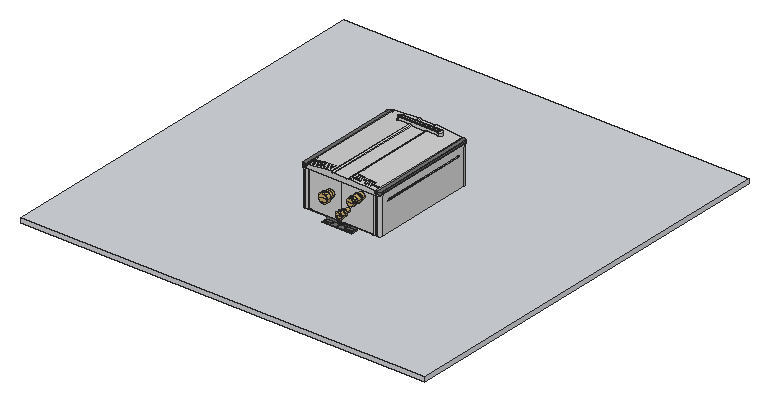
Revit family "Water_Heater-Rinnai-Ultra-Condensing-Tankless-RUR98e", category Mechanical Equipment, host Face, Revit 2012 (continued)
Definition of nested family "Water Heater"
  Definition of nested family "Masking_Nested"
    Lines and regions (in)
      Masking region 6, detail levels medium+fine
        outline origin (-35.16478, 0.40116, 0) x (1, 0, 0) y (0, 1, 0)
          loop
            line (36.48312, -13.55116) -> (35.28217, -13.55116) -> (35.28217, -13.75667)
            arc (35.28217, -13.75667) -> (35.16406, -13.87478) -> (35.04595, -13.75667) r 0.11811
            line (35.04595, -13.75667) -> (35.04595, -13.55116) -> (33.845, -13.55116)
            arc (33.845, -13.55116) -> (33.76774, -13.72733) -> (33.58951, -13.79972) r 0.25559
            arc (33.58951, -13.79972) -> (33.41128, -13.72733) -> (33.33401, -13.55116) r 0.25559
            line (33.33401, -13.55116) -> (31.62076, -13.55116)
          loop
            line (32.39831, -13.96742) -> (32.8117, -13.96742)
            arc (32.8117, -13.96742) -> (32.91997, -13.85915) -> (32.8117, -13.75088) r 0.10827
            line (32.8117, -13.75088) -> (32.39831, -13.75088)
            arc (32.39831, -13.75088) -> (32.29005, -13.85915) -> (32.39831, -13.96742) r 0.10827
          loop
            line (32.13257, -13.76073) -> (32.13257, -13.68199)
            arc (32.13257, -13.68199) -> (32.01446, -13.56387) -> (31.89635, -13.68199) r 0.11811
            line (31.89635, -13.68199) -> (31.89635, -13.76073)
            arc (31.89635, -13.76073) -> (32.01446, -13.87884) -> (32.13257, -13.76073) r 0.11811
          loop
            arc (37.92981, -13.96742) -> (38.03808, -13.85915) -> (37.92981, -13.75088) r 0.10827
            line (37.92981, -13.75088) -> (37.20146, -13.75088)
            arc (37.20146, -13.75088) -> (37.0932, -13.85915) -> (37.20146, -13.96742) r 0.10827
            line (37.20146, -13.96742) -> (37.92981, -13.96742)
          loop
            line (38.19556, -13.68199) -> (38.19556, -13.76073)
            arc (38.19556, -13.76073) -> (38.31367, -13.87884) -> (38.43178, -13.76073) r 0.11811
            line (38.43178, -13.76073) -> (38.43178, -13.68199)
            arc (38.43178, -13.68199) -> (38.31367, -13.56387) -> (38.19556, -13.68199) r 0.11811
          loop
            circle (36.73934, 13.08086) r 0.25559
          loop
            line (37.93053, 13.50415) -> (37.51714, 13.50415)
            arc (37.51714, 13.50415) -> (37.40888, 13.39588) -> (37.51714, 13.28761) r 0.10827
            line (37.51714, 13.28761) -> (37.93053, 13.28761)
            arc (37.93053, 13.28761) -> (38.0388, 13.39588) -> (37.93053, 13.50415) r 0.10827
          loop
            line (38.19628, 13.29746) -> (38.19628, 13.21872)
            arc (38.19628, 13.21872) -> (38.31439, 13.10061) -> (38.4325, 13.21872) r 0.11811
            line (38.4325, 13.21872) -> (38.4325, 13.29746)
            arc (38.4325, 13.29746) -> (38.31439, 13.41557) -> (38.19628, 13.29746) r 0.11811
          loop
            arc (32.39903, 13.50415) -> (32.29077, 13.39588) -> (32.39903, 13.28761) r 0.10827
            line (32.39903, 13.28761) -> (33.12738, 13.28761)
            arc (33.12738, 13.28761) -> (33.23565, 13.39588) -> (33.12738, 13.50415) r 0.10827
            line (33.12738, 13.50415) -> (32.39903, 13.50415)
          loop
            circle (33.59023, 13.08086) r 0.25559
          loop
            line (32.13329, 13.21872) -> (32.13329, 13.29746)
            arc (32.13329, 13.29746) -> (32.01518, 13.41557) -> (31.89706, 13.29746) r 0.11811
            line (31.89706, 13.29746) -> (31.89706, 13.21872)
            arc (31.89706, 13.21872) -> (32.01518, 13.10061) -> (32.13329, 13.21872) r 0.11811
      Masking region 7, detail levels medium+fine
        outline origin (-35.26953, 0, 0) x (1, 0, 0) y (0, 0, 1)
          loop
            line (26.00572, -0.04045) -> (31.72622, -0.04045) -> (31.72622, -0.6218) -> (38.83231, -0.6218) -> (38.83231, -0.04045) -> (44.53334, -0.04045) -> (44.53334, 9.35031)
            arc (44.53334, 9.35031) -> (44.51461, 9.40103) -> (44.46742, 9.42742) r 0.07806
            arc (44.46742, 9.42742) -> (44.03663, 9.49362) -> (43.60536, 9.55665) r 59.05511
            arc (43.60536, 9.55665) -> (43.57084, 9.52054) -> (43.53502, 9.48571) r 1.36561
            arc (43.53502, 9.48571) -> (43.54854, 9.53813) -> (43.50686, 9.57269) r 0.05052
            arc (43.50686, 9.57269) -> (42.03052, 9.74921) -> (40.55147, 9.90144) r 92.07872
            line (40.55147, 9.90144) -> (40.52642, 10.61861)
            arc (40.52642, 10.61861) -> (40.49773, 10.68306) -> (40.43231, 10.70949) r 0.09417
            line (40.43231, 10.70949) -> (30.10675, 10.70949)
            arc (30.10675, 10.70949) -> (30.04134, 10.68306) -> (30.01264, 10.61861) r 0.09417
            line (30.01264, 10.61861) -> (29.9876, 9.90144)
            arc (29.9876, 9.90144) -> (28.53696, 9.75237) -> (27.08886, 9.58034) r 92.07872
            arc (27.08886, 9.58034) -> (27.02495, 9.52621) -> (27.04849, 9.44583) r 0.07682
            arc (27.04849, 9.44583) -> (26.98948, 9.49957) -> (26.9337, 9.55665) r 1.36561
            arc (26.9337, 9.55665) -> (26.50314, 9.49373) -> (26.07305, 9.42764) r 59.05511
            arc (26.07305, 9.42764) -> (26.02485, 9.40069) -> (26.00572, 9.34888) r 0.07973
            line (26.00572, 9.34888) -> (26.00572, -0.04045)
      Masking region 8, detail levels medium+fine
        outline origin (0, 45, 0) x (0, 1, 0) y (0, 0, 1)
          loop
            line (-57.44869, -0.04045) -> (-32.55204, -0.04045)
            arc (-32.55204, -0.04045) -> (-32.52623, -0.09026) -> (-32.47382, -0.11024) r 0.07874
            line (-32.47382, -0.11024) -> (-32.17973, -0.11024) -> (-32.17973, -0.56308)
            arc (-32.17973, -0.56308) -> (-32.17168, -0.58251) -> (-32.15226, -0.59055) r 0.02747
            line (-32.15226, -0.59055) -> (-30.69363, -0.59055)
            arc (-30.69363, -0.59055) -> (-30.66213, -0.55906) -> (-30.69363, -0.52756) r 0.0315
            line (-30.69363, -0.52756) -> (-32.11674, -0.52756) -> (-32.11674, -0.04045) -> (-32.27422, -0.04045) -> (-32.27422, 8.75945) -> (-32.15, 8.75945) -> (-32.15, 10.14451) -> (-33.98648, 10.14451) -> (-34.00323, 10.62438)
            arc (-34.00323, 10.62438) -> (-34.03011, 10.68474) -> (-34.09137, 10.70949) r 0.08819
            line (-34.09137, 10.70949) -> (-34.93748, 10.70949)
            arc (-34.93748, 10.70949) -> (-34.99701, 10.68544) -> (-35.02312, 10.62679) r 0.08569
            line (-35.02312, 10.62679) -> (-35.03996, 10.14451) -> (-58.55116, 10.14451) -> (-58.55116, 8.75945) -> (-57.81875, 8.75945) -> (-57.81875, -0.04045) -> (-57.884, -0.04045) -> (-57.884, -0.52756) -> (-59.30711, -0.52756)
            arc (-59.30711, -0.52756) -> (-59.3386, -0.55906) -> (-59.30711, -0.59055) r 0.0315
            line (-59.30711, -0.59055) -> (-57.8478, -0.59055)
            arc (-57.8478, -0.59055) -> (-57.82886, -0.58271) -> (-57.82101, -0.56377) r 0.02679
            line (-57.82101, -0.56377) -> (-57.82101, -0.11024) -> (-57.52692, -0.11024)
            arc (-57.52692, -0.11024) -> (-57.47451, -0.09026) -> (-57.44869, -0.04045) r 0.07874
      symbolic lines, style "Water Heater", detail levels medium+fine
        curve 1: line (8.32249, 12.84217, 0) -> (8.32249, -13.15, 0)
        curve 2: line (-8.34917, 12.84217, 0) -> (-8.34917, -13.15, 0)
        curve 3: line (-2.16191, 11.02054, 0) -> (2.13519, 11.02144, 0)
        curve 4: line (2.13519, 9.95477, 0) -> (-2.16191, 9.95477, 0)
        curve 5: line (-9.25, 0, 8.98484) -> (-8.45921, 0, 8.98484)
        curve 6: line (-8.45921, 0, 8.98484) -> (-8.09256, 0, 9.19653)
        curve 7: line (-8.09256, 0, 9.19653) -> (-8.09256, 0, 9.34812)
        curve 8: arc (-8.09256, 0, 9.34812) -> (-8.15825, 0, 9.39508) -> (-8.22104, 0, 9.44583) r 1.36561
        curve 9: line (9.26381, 0, 8.75945) -> (-9.27756, 0, 8.75945)
        curve 10: arc (-5.27647, 0, 9.90196) -> (-3.77127, 0, 10.03206) -> (-2.26413, 0, 10.13746) r 92.07872
        curve 11: line (-1.61887, 0, 9.90169) -> (1.61887, 0, 9.90169)
        curve 12: line (-2.0392, 0, 10.10161) -> (-1.76603, 0, 9.94389)
        curve 13: arc (-2.26413, 0, 10.13746) -> (-2.14787, 0, 10.14334) -> (-2.0392, 0, 10.10161) r 0.28099
        curve 14: arc (-1.76603, 0, 9.94389) -> (-1.69501, 0, 9.91385) -> (-1.61887, 0, 9.90169) r 0.31957
        curve 15: line (9.25, 0, 8.98484) -> (8.45921, 0, 8.98484)
        curve 16: line (8.45921, 0, 8.98484) -> (8.09256, 0, 9.19653)
        curve 17: line (8.09256, 0, 9.19653) -> (8.09256, 0, 9.34812)
        curve 18: arc (8.09256, 0, 9.34812) -> (8.18181, 0, 9.41341) -> (8.26549, 0, 9.48571) r 1.36561
        curve 19: arc (5.27647, 0, 9.90196) -> (3.77127, 0, 10.03206) -> (2.26413, 0, 10.13746) r 92.07872
        curve 20: line (2.0392, 0, 10.10161) -> (1.76603, 0, 9.94389)
        curve 21: arc (2.26413, 0, 10.13746) -> (2.14787, 0, 10.14334) -> (2.0392, 0, 10.10161) r 0.28099
        curve 22: arc (1.76603, 0, 9.94389) -> (1.69501, 0, 9.91385) -> (1.61887, 0, 9.90169) r 0.31957
        curve 23: line (7.75409, 0, 8.75945) -> (7.75409, 0, 0)
        curve 24: line (-7.75409, 0, 8.75945) -> (-7.75409, 0, -0.04045)
        curve 25: arc (-1.40688, 0, 0) -> (0, 0, -0.34536) -> (1.40688, 0, 0) r 3.03824
        curve 26: line (-3.54331, 0, -0.04045) -> (3.54331, 0, -0.04045)
        curve 27: line (3.54331, 0, -0.52756) -> (-3.54331, 0, -0.52756)
        curve 28: spline (0, 11.02, 9.95112) -> (0, 11.00267, 9.93884) -> (0, 10.94985, 9.92738) -> (0, 10.86516, 9.91753) -> (0, 10.75444, 9.90997) -> (0, 10.6253, 9.90521) -> (0, 10.48661, 9.90359) -> (0, 10.34793, 9.90521) -> (0, 10.21878, 9.90997) -> (0, 10.10806, 9.91753) -> (0, 10.02337, 9.92738) -> (0, 9.97055, 9.93884) -> (0, 9.95322, 9.95112)
        curve 29: line (0, 11.01351, 10.14451) -> (0, 11.02, 9.95112)
        curve 30: line (0, 9.95972, 10.14451) -> (0, 9.95322, 9.95112)
        curve 31: line (0, -11.22237, 9.92728) -> (0, -11.22237, 10.09602)
        curve 32: spline (0, -11.22237, 10.09602) -> (0, -11.21722, 10.09869) -> (0, -11.20212, 10.10119) -> (0, -11.1781, 10.10333) -> (0, -11.14681, 10.10498) -> (0, -11.11036, 10.10601) -> (0, -11.07125, 10.10636) -> (0, -11.03214, 10.10601) -> (0, -10.99569, 10.10498) -> (0, -10.96439, 10.10333) -> (0, -10.94038, 10.10119) -> (0, -10.92528, 10.09869) -> (0, -10.92013, 10.09602)
        curve 33: line (0, -10.92013, 10.09602) -> (0, -10.92013, 9.92728)
        curve 34: spline (0, -10.92013, 9.92728) -> (0, -10.92528, 9.92371) -> (0, -10.94038, 9.92038) -> (0, -10.96439, 9.91752) -> (0, -10.99569, 9.91533) -> (0, -11.03214, 9.91395) -> (0, -11.07125, 9.91348) -> (0, -11.11036, 9.91395) -> (0, -11.14681, 9.91533) -> (0, -11.1781, 9.91752) -> (0, -11.20212, 9.92038) -> (0, -11.21722, 9.92371) -> (0, -11.22237, 9.92728)
        curve 35: line (0, -11.63111, 9.92728) -> (0, -11.63108, 10.09602)
        curve 36: spline (0, -11.63108, 10.09602) -> (0, -11.63623, 10.09869) -> (0, -11.65132, 10.10119) -> (0, -11.67534, 10.10333) -> (0, -11.70663, 10.10498) -> (0, -11.74308, 10.10601) -> (0, -11.78218, 10.10636) -> (0, -11.82129, 10.10601) -> (0, -11.85774, 10.10498) -> (0, -11.88903, 10.10333) -> (0, -11.91305, 10.10119) -> (0, -11.92814, 10.09869) -> (0, -11.93329, 10.09602)
        curve 37: line (0, -11.93329, 10.09602) -> (0, -11.93326, 9.92728)
        curve 38: spline (0, -11.93326, 9.92728) -> (0, -11.92811, 9.92371) -> (0, -11.91302, 9.92038) -> (0, -11.88901, 9.91752) -> (0, -11.85772, 9.91533) -> (0, -11.82129, 9.91395) -> (0, -11.78218, 9.91348) -> (0, -11.74308, 9.91395) -> (0, -11.70665, 9.91533) -> (0, -11.67536, 9.91752) -> (0, -11.65135, 9.92038) -> (0, -11.63626, 9.92371) -> (0, -11.63111, 9.92728)
        curve 39: line (0, -12.34205, 9.92728) -> (0, -12.34202, 10.09602)
        curve 40: spline (0, -12.34202, 10.09602) -> (0, -12.34716, 10.09869) -> (0, -12.36226, 10.10119) -> (0, -12.38627, 10.10333) -> (0, -12.41757, 10.10498) -> (0, -12.45401, 10.10601) -> (0, -12.49312, 10.10636) -> (0, -12.53223, 10.10601) -> (0, -12.56868, 10.10498) -> (0, -12.59997, 10.10333) -> (0, -12.62399, 10.10119) -> (0, -12.63908, 10.09869) -> (0, -12.64423, 10.09602)
        curve 41: line (0, -12.64423, 10.09602) -> (0, -12.6442, 9.92728)
        curve 42: spline (0, -12.6442, 9.92728) -> (0, -12.63905, 9.92371) -> (0, -12.62396, 9.92038) -> (0, -12.59995, 9.91752) -> (0, -12.56866, 9.91533) -> (0, -12.53222, 9.91395) -> (0, -12.49312, 9.91348) -> (0, -12.45402, 9.91395) -> (0, -12.41759, 9.91533) -> (0, -12.3863, 9.91752) -> (0, -12.36229, 9.92038) -> (0, -12.3472, 9.92371) -> (0, -12.34205, 9.92728)
        curve 43: spline (0, -10.92018, 9.86539) -> (0, -10.92518, 9.86925) -> (0, -10.94018, 9.87285) -> (0, -10.96417, 9.87594) -> (0, -10.99551, 9.87832) -> (0, -11.03203, 9.87981) -> (0, -11.07125, 9.88032) -> (0, -11.11046, 9.87981) -> (0, -11.14699, 9.87832) -> (0, -11.17832, 9.87594) -> (0, -11.20231, 9.87285) -> (0, -11.21732, 9.86925) -> (0, -11.22231, 9.86539)
        curve 44: spline (0, -11.22227, 9.63281) -> (0, -11.21712, 9.62807) -> (0, -11.20204, 9.62365) -> (0, -11.17804, 9.61986) -> (0, -11.14676, 9.61695) -> (0, -11.11033, 9.61512) -> (0, -11.07125, 9.6145) -> (0, -11.03216, 9.61512) -> (0, -10.99574, 9.61695) -> (0, -10.96446, 9.61986) -> (0, -10.94046, 9.62365) -> (0, -10.92537, 9.62807) -> (0, -10.92023, 9.63281)
        curve 45: line (0, -11.22239, 9.86539) -> (0, -11.22239, 9.63281)
        curve 46: line (0, -10.9201, 9.63281) -> (0, -10.9201, 9.86539)
        curve 47: spline (0, -11.63112, 9.86829) -> (0, -11.63611, 9.87215) -> (0, -11.65112, 9.87575) -> (0, -11.67511, 9.87884) -> (0, -11.70645, 9.88122) -> (0, -11.74297, 9.88271) -> (0, -11.78218, 9.88322) -> (0, -11.8214, 9.88271) -> (0, -11.85792, 9.88122) -> (0, -11.88926, 9.87884) -> (0, -11.91325, 9.87575) -> (0, -11.92826, 9.87215) -> (0, -11.93325, 9.86829)
        curve 48: spline (0, -11.93321, 9.6357) -> (0, -11.92806, 9.63096) -> (0, -11.91297, 9.62655) -> (0, -11.88897, 9.62276) -> (0, -11.8577, 9.61985) -> (0, -11.82127, 9.61802) -> (0, -11.78218, 9.61739) -> (0, -11.7431, 9.61802) -> (0, -11.70667, 9.61985) -> (0, -11.6754, 9.62276) -> (0, -11.6514, 9.62655) -> (0, -11.63631, 9.63096) -> (0, -11.63116, 9.6357)
        curve 49: line (0, -11.93333, 9.86829) -> (0, -11.93333, 9.6357)
        curve 50: line (0, -11.63104, 9.6357) -> (0, -11.63104, 9.86829)
        curve 51: spline (0, -12.34206, 9.86829) -> (0, -12.34705, 9.87215) -> (0, -12.36206, 9.87575) -> (0, -12.38605, 9.87884) -> (0, -12.41738, 9.88122) -> (0, -12.45391, 9.88271) -> (0, -12.49312, 9.88322) -> (0, -12.53234, 9.88271) -> (0, -12.56886, 9.88122) -> (0, -12.6002, 9.87884) -> (0, -12.62419, 9.87575) -> (0, -12.63919, 9.87215) -> (0, -12.64419, 9.86829)
        curve 52: spline (0, -12.64414, 9.6357) -> (0, -12.639, 9.63096) -> (0, -12.62391, 9.62655) -> (0, -12.59991, 9.62276) -> (0, -12.56863, 9.61985) -> (0, -12.53221, 9.61802) -> (0, -12.49312, 9.61739) -> (0, -12.45404, 9.61802) -> (0, -12.41761, 9.61985) -> (0, -12.38633, 9.62276) -> (0, -12.36233, 9.62655) -> (0, -12.34725, 9.63096) -> (0, -12.3421, 9.6357)
        curve 53: line (0, -12.64427, 9.86829) -> (0, -12.64427, 9.6357)
        curve 54: line (0, -12.34198, 9.6357) -> (0, -12.34198, 9.86829)
        curve 55: line (0, -13.55116, 9.55665) -> (0, 12.84217, 9.55665)
        curve 56: spline (0, -13.55107, 9.52892) -> (0, -13.54779, 9.51829) -> (0, -13.53763, 9.50771) -> (0, -13.52069, 9.49729) -> (0, -13.49712, 9.48711) -> (0, -13.46713, 9.47728) -> (0, -13.43101, 9.46787) -> (0, -13.38907, 9.45898) -> (0, -13.3417, 9.45069) -> (0, -13.28933, 9.44306) -> (0, -13.23243, 9.43618) -> (0, -13.17152, 9.43009) -> (0, -13.10716, 9.42487)
        curve 57: line (0, -12.94411, 9.35175) -> (0, -12.94411, 8.98484)
        curve 58: spline (0, -12.94411, 9.35175) -> (0, -12.95571, 9.36207) -> (0, -12.9678, 9.3717) -> (0, -12.98035, 9.38062) -> (0, -12.99333, 9.38879) -> (0, -13.00668, 9.3962) -> (0, -13.02037, 9.40281) -> (0, -13.03436, 9.40861) -> (0, -13.0486, 9.41358) -> (0, -13.06304, 9.4177) -> (0, -13.07765, 9.42096) -> (0, -13.09237, 9.42335) -> (0, -13.10716, 9.42487)
        curve 59: line (0, -13.55116, 8.98484) -> (0, 12.85, 8.98484)
        curve 60: line (0, 12.72578, 8.75945) -> (0, -12.75728, 8.75945)
        curve 61: line (0, 12.23513, 8.98484) -> (0, 12.23513, 9.35174)
        curve 62: spline (0, 12.23513, 9.35174) -> (0, 12.2467, 9.36204) -> (0, 12.25877, 9.37166) -> (0, 12.2713, 9.38057) -> (0, 12.28425, 9.38873) -> (0, 12.29758, 9.39613) -> (0, 12.31125, 9.40274) -> (0, 12.32521, 9.40854) -> (0, 12.33942, 9.41351) -> (0, 12.35384, 9.41763) -> (0, 12.36842, 9.4209) -> (0, 12.38311, 9.4233) -> (0, 12.39788, 9.42483)
        curve 63: spline (0, 12.39788, 9.42483) -> (0, 12.46228, 9.43013) -> (0, 12.52322, 9.43628) -> (0, 12.58016, 9.44321) -> (0, 12.63256, 9.45087) -> (0, 12.67996, 9.4592) -> (0, 12.72193, 9.4681) -> (0, 12.75808, 9.4775) -> (0, 12.78809, 9.48732) -> (0, 12.81167, 9.49747) -> (0, 12.82863, 9.50785) -> (0, 12.8388, 9.51837) -> (0, 12.84209, 9.52894)
        curve 64: line (0, 10.49722, 7.02598) -> (0, -10.79361, 7.02598)
        curve 65: arc (0, -10.79361, 7.02598) -> (0, -10.97143, 6.82414) -> (0, -10.79362, 6.6223) r 0.20346
        curve 66: line (0, -10.79362, 6.6223) -> (0, 10.49723, 6.6223)
        curve 67: arc (0, 10.49723, 6.6223) -> (0, 10.67482, 6.82414) -> (0, 10.49722, 7.02598) r 0.20349
        curve 68: line (0, 12.72578, -0.04045) -> (0, 12.44796, -0.04045)
        curve 69: line (0, -12.82027, -0.04045) -> (0, -12.44796, -0.04045)
      symbolic lines, style "Water Heater", detail levels fine
        curve 70: line (-1.46319, -10.89969, 0) -> (1.43194, -10.89969, 0)
        curve 71: line (-1.54319, -12.67499, 0) -> (-1.54319, -10.97969, 0)
        curve 72: line (1.43194, -12.75499, 0) -> (-1.46319, -12.75499, 0)
        curve 73: line (1.51194, -10.97969, 0) -> (1.51194, -12.67499, 0)
        curve 74: arc (-1.54319, -10.97969, 0) -> (-1.51976, -10.92312, 0) -> (-1.46319, -10.89969, 0) r 0.08
        curve 75: arc (1.43194, -10.89969, 0) -> (1.48851, -10.92312, 0) -> (1.51194, -10.97969, 0) r 0.08
        curve 76: arc (1.43194, -12.75499, 0) -> (1.48851, -12.73156, 0) -> (1.51194, -12.67499, 0) r 0.08
        curve 77: arc (-1.46319, -12.75499, 0) -> (-1.51976, -12.73156, 0) -> (-1.54319, -12.67499, 0) r 0.08
        curve 78: arc (-2.28358, 0, 8.93988) -> (-2.45244, 0, 9.32708) -> (-2.84581, 0, 9.48103) r 0.55118
        curve 79: arc (-6.74186, 0, 9.40231) -> (-7.06625, 0, 9.26416) -> (-7.20465, 0, 8.93988) r 0.47244
        curve 80: line (-6.74186, 0, 9.40231) -> (-2.84581, 0, 9.48103)
        curve 81: line (-2.28358, 0, 8.93988) -> (-7.20465, 0, 8.93988)
        curve 82: arc (2.28358, 0, 8.93988) -> (2.45244, 0, 9.32708) -> (2.84581, 0, 9.48103) r 0.55118
        curve 83: arc (6.74186, 0, 9.40231) -> (7.06625, 0, 9.26416) -> (7.20465, 0, 8.93988) r 0.47244
        curve 84: line (6.74186, 0, 9.40231) -> (2.84581, 0, 9.48103)
        curve 85: line (2.28358, 0, 8.93988) -> (7.20465, 0, 8.93988)
        curve 86: line (-1.02365, 0, 9.40241) -> (1.02359, 0, 9.40241)
        curve 87: arc (-1.02365, 0, 9.40241) -> (-1.35419, 0, 9.26752) -> (-1.49599, 0, 8.93988) r 0.47244
        curve 88: arc (1.49593, 0, 8.93988) -> (1.35414, 0, 9.26752) -> (1.02359, 0, 9.40241) r 0.47244
        curve 89: line (1.49593, 0, 8.93988) -> (-1.49599, 0, 8.93988)
    Dimensions and locks (in)
      equal spacing: plane 4, plane 3 "Center (Left/Right)", plane 5
      "Width": plane 4 to plane 5
      plane 8 to plane 1 "Center (Front/Back)" = 12.85"
      "Depth": plane 6 to plane 2
      plane 8 to plane 10 = 26"
      aligned and locked: plane 2 to level
    Automatic sketch dimensions
      curve 59 to plane 8 = 0"
      curve 55 to plane 8 = 1/128"
      curve 63 to plane 8 = 0.00791"
      curve 63 to curve 63 = 0"
      curve 60 to plane 8 = 0.12422"
      curve 68 to level = 0.04045"
      curve 68 to plane 8 = 0.12422"
      curve 62 to plane 8 = 0.36654"
      curve 68 to curve 68 = 0.27783"
      curve 62 to curve 62 = 0.07783"
      curve 63 to curve 62 = 0.08558"
      curve 62 to curve 62 = 0.16276"
      curve 63 to curve 61 = 0.15296"
      curve 28 to plane 6 = 0.14888"  (x2)
      curve 28 to curve 63 = 1.06217"
      plane 6 to curve 29 = 0.04451"
      curve 29 to curve 29 = 0.00649"
      curve 67 to plane 8 = 2.35277"
      curve 64 to curve 67 = 0"
      curve 28 to curve 28 = 0.53339"
      curve 67 to curve 66 = 0.0259"
      plane 6 to curve 30 = 0.04451"
      curve 30 to curve 28 = 0.5269"
      curve 28 to curve 30 = 0"
      curve 65 to curve 65 = 0.02564"
      curve 66 to curve 65 = 0.02565"
      curve 46 to plane 6 = 0.46719"
      curve 34 to curve 46 = 0.00003"
      curve 43 to curve 46 = 0.00008"
      curve 43 to curve 43 = 0"
      curve 44 to curve 46 = 0.00012"
      curve 44 to curve 44 = 0.15102"
      curve 43 to curve 43 = 0.15107"
      curve 32 to plane 6 = 0.00398"
      curve 32 to curve 32 = 0.15112"
      curve 31 to curve 43 = 0.00005"
      curve 45 to curve 44 = 0.00012"
      curve 50 to curve 45 = 0.40865"
      curve 36 to plane 6 = 0.00398"
      curve 36 to curve 50 = 0.00004"
      curve 38 to curve 50 = 0.00007"
      curve 47 to curve 50 = 0.00008"
      curve 47 to curve 47 = 0"
      curve 48 to curve 50 = 0.00012"
      curve 48 to curve 48 = 0.15102"
      curve 38 to curve 47 = 0"  (x2)
      curve 36 to curve 35 = 0.15111"
      curve 37 to plane 6 = 0.00398"
      curve 37 to curve 36 = 0.15111"
      curve 49 to curve 47 = 0.00008"
      curve 49 to curve 48 = 0.00012"
      curve 54 to curve 49 = 0.40865"
      curve 39 to plane 6 = 0.00398"
      curve 39 to curve 54 = 0.00004"
      curve 42 to curve 54 = 0.00007"
      curve 51 to curve 54 = 0.00008"
      curve 51 to curve 51 = 0"
      curve 52 to curve 54 = 0.00012"
      curve 69 to level = 0.04045"
      curve 52 to curve 52 = 0.15102"
      curve 51 to curve 51 = 0.15107"
      curve 42 to curve 51 = 0"  (x2)
      curve 40 to plane 6 = 0.00398"
      curve 40 to curve 39 = 0.15111"
      curve 53 to curve 52 = 0.00012"
      curve 58 to curve 58 = 0.16305"
      curve 58 to curve 57 = 0.1705"
      curve 58 to curve 56 = 0.08529"
      curve 56 to curve 58 = 0.35863"
      curve 56 to curve 56 = 0"
      curve 59 to curve 58 = 0.43655"
      curve 55 to curve 56 = 0.00008"
      curve 65 to curve 46 = 3.01051"
      curve 66 to curve 67 = 0.20184"
      curve 60 to plane 6 = 1.34055"
      curve 60 to curve 59 = 0.22539"
      curve 61 to curve 62 = 0.15843"
      curve 57 to curve 58 = 0.15844"
      curve 62 to curve 62 = 0.06438"
      curve 58 to curve 58 = 0.06439"
      curve 61 to curve 63 = 0.17149"
      curve 57 to curve 56 = 0.17278"
      curve 56 to curve 55 = 0.02773"
      curve 45 to curve 46 = 0"
      curve 44 to curve 46 = 0"
      curve 45 to curve 50 = 0.0029"
      curve 49 to curve 50 = 0"
      curve 56 to curve 52 = 0.11117"
      curve 53 to curve 52 = 0"
      curve 48 to curve 50 = 0"
      curve 52 to curve 54 = 0"
      curve 46 to curve 32 = 0.23063"
      curve 45 to curve 31 = 0.23063"
      curve 45 to curve 43 = 0"
      curve 43 to curve 43 = 0.00007"
      curve 54 to curve 40 = 0.22773"
      curve 50 to curve 36 = 0.22773"
      curve 49 to curve 36 = 0.22773"
      curve 49 to curve 47 = 0"
      curve 54 to curve 51 = 0"
      curve 53 to curve 51 = 0"
      curve 47 to curve 47 = 0.00007"
      curve 51 to curve 51 = 0.00007"
      curve 47 to curve 35 = 0.05892"
      curve 47 to curve 37 = 0.05899"
      curve 51 to curve 42 = 0.05899"
      curve 51 to curve 42 = 0.05892"  (x2)
      curve 37 to curve 38 = 0"
      curve 43 to curve 34 = 0.06182"
      curve 28 to curve 30 = 0.00035"
      curve 41 to plane 6 = 0.00398"
      Masking region 1 sketch curve to plane 4 = 0.00047"
      Masking region 1 sketch curve to plane 5 = 0.00047"
      plane 8 to Masking region 1 sketch curve = 0.00039"
      Masking region 2 sketch curve to plane 8 = 0"
      Masking region 2 sketch curve to plane 4 = 0.00047"
      plane 4 to Masking region 2 sketch curve = 0.74953"  (x2)
      plane 5 to Masking region 2 sketch curve = 0.74953"  (x2)
      Masking region 2 sketch curve to plane 5 = 0.00047"
      Masking region 3 sketch curve to level = 0.6218"
      Masking region 3 sketch curve to plane 4 = 0.00047"
      Masking region 3 sketch curve to plane 5 = 0.00047"
      plane 6 to Masking region 3 sketch curve = 0.03196"
      Masking region 4 sketch curve to level = 0.59055"
      Masking region 4 sketch curve to plane 8 = 0"
      plane 6 to Masking region 4 sketch curve = 0.03196"
      Masking region 5 sketch curve to plane 8 = 0"
      plane 4 to Masking region 5 sketch curve = 1.47856"
      Masking region 5 sketch curve to Masking region 5 sketch curve = 0"  (x19)
      Masking region 5 sketch curve to Masking region 5 sketch curve = 2.10379"  (x3)
      Masking region 5 sketch curve to Masking region 5 sketch curve = 0.65011"  (x5)
      plane 4 to Masking region 5 sketch curve = 4.49205"
      Masking region 5 sketch curve to Masking region 5 sketch curve = 1/256"  (x3)
      Masking region 5 sketch curve to Masking region 5 sketch curve = 0.0406"
      Masking region 5 sketch curve to plane 3 "Center (Left/Right)" = 2.16191"
      plane 3 "Center (Left/Right)" to Masking region 5 sketch curve = 2.13519"  (x2)
      Masking region 5 sketch curve to Masking region 5 sketch curve = 0.75187"
      Masking region 5 sketch curve to Masking region 5 sketch curve = 2.55548"
      Masking region 5 sketch curve to Masking region 5 sketch curve = 0.0367"
      Masking region 5 sketch curve to plane 8 = 1.82801"
      plane 5 to Masking region 5 sketch curve = 1.50524"
      Masking region 5 sketch curve to Masking region 5 sketch curve = 0.15114"  (x12)
      Masking region 5 sketch curve to Masking region 5 sketch curve = 0.40865"  (x8)
      Masking region 5 sketch curve to plane 8 = 2.89679"
      Masking region 5 sketch curve to Masking region 5 sketch curve = 0.00156"
      Masking region 5 sketch curve to Masking region 5 sketch curve = 1.06722"
      Masking region 5 sketch curve to Masking region 5 sketch curve = 0.15631"
      Masking region 5 sketch curve to Masking region 5 sketch curve = 0.37709"  (x2)
      Masking region 5 sketch curve to Masking region 5 sketch curve = 0.00197"
      Masking region 5 sketch curve to Masking region 5 sketch curve = 1.06577"
      Masking region 5 sketch curve to Masking region 5 sketch curve = 1.06667"
      Masking region 7 sketch curve to plane 4 = 0.01381"
      plane 4 to Masking region 7 sketch curve = 0.05352"
      Masking region 7 sketch curve to Masking region 7 sketch curve = 0"  (x8)
      plane 4 to Masking region 7 sketch curve = 0.06592"
      Masking region 7 sketch curve to Masking region 7 sketch curve = 0.86065"
      Masking region 7 sketch curve to Masking region 7 sketch curve = 0.11479"
      Masking region 7 sketch curve to Masking region 7 sketch curve = 0.04037"
      Masking region 7 sketch curve to Masking region 7 sketch curve = 0.05004"
      plane 6 to Masking region 7 sketch curve = 0.38203"  (x2)
      Masking region 7 sketch curve to Masking region 7 sketch curve = 0.84911"
      Masking region 7 sketch curve to plane 6 = 0.19856"  (x2)
      Masking region 7 sketch curve to Masking region 7 sketch curve = 2.04962"
      Masking region 7 sketch curve to Masking region 7 sketch curve = 0.02504"  (x2)
      Masking region 7 sketch curve to Masking region 7 sketch curve = 0.09411"  (x2)
      Masking region 7 sketch curve to level = 0.6218"
      Masking region 7 sketch curve to plane 3 "Center (Left/Right)" = 3.54331"
      Masking region 7 sketch curve to plane 3 "Center (Left/Right)" = 3.40532"
      Masking region 7 sketch curve to plane 3 "Center (Left/Right)" = 0.01184"
      plane 3 "Center (Left/Right)" to Masking region 7 sketch curve = 0.01184"
      plane 3 "Center (Left/Right)" to Masking region 7 sketch curve = 3.40532"
      plane 3 "Center (Left/Right)" to Masking region 7 sketch curve = 3.56278"
      plane 6 to Masking region 7 sketch curve = 0.51532"
      plane 5 to Masking region 7 sketch curve = 4.08722"
      plane 5 to Masking region 7 sketch curve = 1.91844"
      plane 5 to Masking region 7 sketch curve = 1.01906"
      Masking region 7 sketch curve to Masking region 7 sketch curve = 0.00639"
      Masking region 7 sketch curve to Masking region 7 sketch curve = 0.00006"
      Masking region 7 sketch curve to Masking region 7 sketch curve = 0.03455"
      Masking region 7 sketch curve to Masking region 7 sketch curve = 0.0985"
      plane 5 to Masking region 7 sketch curve = 0.06425"
      plane 5 to Masking region 7 sketch curve = 0.05211"
      Masking region 7 sketch curve to plane 5 = 0.01381"
      Masking region 7 sketch curve to Masking region 7 sketch curve = 48.28707"
      Masking region 7 sketch curve to Masking region 7 sketch curve = 32.85768"
      Masking region 7 sketch curve to level = 0.04045"  (x2)
      Masking region 7 sketch curve to Masking region 7 sketch curve = 0.03686"
      Masking region 7 sketch curve to Masking region 7 sketch curve = 0.71388"
      Masking region 7 sketch curve to Masking region 7 sketch curve = 0.00329"
      Masking region 8 sketch curve to plane 8 = 0"
      Masking region 8 sketch curve to plane 8 = 0.00226"
      Masking region 8 sketch curve to Masking region 8 sketch curve = 0.02747"
      Masking region 8 sketch curve to Masking region 8 sketch curve = 0.12422"
      Masking region 8 sketch curve to level = 0.11024"
      Masking region 8 sketch curve to Masking region 8 sketch curve = 0.1996"
      Masking region 8 sketch curve to level = 0.04045"  (x3)
      Masking region 8 sketch curve to Masking region 8 sketch curve = 0.07823"  (x2)
      plane 6 to Masking region 8 sketch curve = 0.04451"  (x2)
      Masking region 8 sketch curve to Masking region 8 sketch curve = 1.83648"
      Masking region 8 sketch curve to Masking region 8 sketch curve = 0.01676"
      Masking region 8 sketch curve to Masking region 8 sketch curve = 0.08814"
      Masking region 8 sketch curve to Masking region 8 sketch curve = 0.8461"
      Masking region 8 sketch curve to Masking region 8 sketch curve = 0.08564"
      Masking region 8 sketch curve to Masking region 8 sketch curve = 0.01684"
      Masking region 8 sketch curve to level = 0.0315"
      Masking region 8 sketch curve to level = 0.52756"
      Masking region 8 sketch curve to Masking region 8 sketch curve = 1.42311"  (x2)
      plane 8 to Masking region 8 sketch curve = 0.03326"
      Masking region 8 sketch curve to level = 0.59055"
      Masking region 8 sketch curve to Masking region 8 sketch curve = 0.06299"
      Masking region 8 sketch curve to Masking region 8 sketch curve = 0.0315"
      Masking region 8 sketch curve to plane 6 = 1.34055"  (x2)
      Masking region 8 sketch curve to Masking region 8 sketch curve = 0.47679"
      Masking region 8 sketch curve to Masking region 8 sketch curve = 0.47929"
      Masking region 8 sketch curve to Masking region 8 sketch curve = 0.00308"
      Masking region 6 sketch curve to Masking region 6 sketch curve = 0"  (x7)
      plane 8 to Masking region 6 sketch curve = 0.00039"  (x2)
      Masking region 6 sketch curve to plane 3 "Center (Left/Right)" = 0"  (x2)
      Masking region 6 sketch curve to plane 3 "Center (Left/Right)" = 0.11883"
      Masking region 6 sketch curve to plane 3 "Center (Left/Right)" = 0.03937"
      Masking region 6 sketch curve to plane 3 "Center (Left/Right)" = 0.11811"
      Masking region 6 sketch curve to Masking region 6 sketch curve = 0.17717"
      Masking region 6 sketch curve to Masking region 6 sketch curve = 1.20095"  (x2)
      Masking region 6 sketch curve to Masking region 6 sketch curve = 0.2555"  (x4)
      plane 8 to Masking region 6 sketch curve = 0.37642"  (x2)
      Masking region 6 sketch curve to Masking region 6 sketch curve = 1.35802"  (x2)
      Masking region 6 sketch curve to Masking region 6 sketch curve = 0.46285"
      Masking region 6 sketch curve to Masking region 6 sketch curve = 0.52231"
      Masking region 6 sketch curve to Masking region 6 sketch curve = 0.41339"  (x2)
      Masking region 6 sketch curve to Masking region 6 sketch curve = 0.72835"  (x2)
      Masking region 6 sketch curve to Masking region 6 sketch curve = 0.26575"  (x4)
      Masking region 6 sketch curve to Masking region 6 sketch curve = 0.11811"  (x4)
      Masking region 6 sketch curve to Masking region 6 sketch curve = 0.27559"  (x5)
      plane 3 "Center (Left/Right)" to Masking region 6 sketch curve = 0.03937"
      Masking region 6 sketch curve to plane 3 "Center (Left/Right)" = 0.00072"
      plane 8 to Masking region 6 sketch curve = 0.88761"
      Masking region 6 sketch curve to Masking region 6 sketch curve = 0.20735"
      Masking region 6 sketch curve to Masking region 6 sketch curve = 0.77781"
      Masking region 6 sketch curve to Masking region 6 sketch curve = 0.00703"  (x2)
      Masking region 6 sketch curve to Masking region 6 sketch curve = 0.13083"  (x2)
      Masking region 6 sketch curve to Masking region 6 sketch curve = 0.0689"  (x2)
      Masking region 6 sketch curve to Masking region 6 sketch curve = 0.19972"
      Masking region 6 sketch curve to Masking region 6 sketch curve = 0.20551"
      Masking region 6 sketch curve to Masking region 6 sketch curve = 0.07874"  (x4)
      Masking region 6 sketch curve to Masking region 6 sketch curve = 0.10827"  (x4)
      Masking region 6 sketch curve to Masking region 6 sketch curve = 0.56152"
      plane 8 to Masking region 6 sketch curve = 0.15964"
      Masking region 6 sketch curve to Masking region 6 sketch curve = 0.25559"
      plane 8 to Masking region 6 sketch curve = 0.76988"  (x2)
      Masking region 6 sketch curve to Masking region 6 sketch curve = 0.04884"
      Masking region 6 sketch curve to Masking region 6 sketch curve = 0.19199"
      Masking region 6 sketch curve to Masking region 6 sketch curve = 0.63957"
      plane 3 "Center (Left/Right)" to Masking region 6 sketch curve = 0.14672"
      curve 5 to plane 4 = 0"
      curve 25 to level = 0"  (x2)
      curve 25 to plane 3 "Center (Left/Right)" = 0"
      curve 23 to level = 0"
      plane 5 to curve 15 = 0"
      curve 9 to plane 4 = 0.02756"
      curve 5 to curve 6 = 0.79079"
      curve 5 to curve 8 = 0.23817"
      curve 8 to curve 6 = 0.12848"
      curve 24 to level = 0.04045"
      plane 4 to curve 24 = 1.49591"
      plane 6 to curve 8 = 0.38203"
      curve 7 to curve 8 = 0.76101"
      curve 24 to curve 79 = 0.54944"
      curve 80 to plane 6 = 0.69769"
      curve 79 to curve 80 = 0.46279"
      curve 80 to curve 79 = 0.00954"
      curve 10 to plane 6 = 0.19804"
      curve 79 to curve 10 = 1.46538"
      curve 27 to level = 0.52756"
      curve 27 to plane 3 "Center (Left/Right)" = 3.54331"
      curve 26 to level = 0.04045"
      curve 26 to curve 27 = 0"  (x2)
      curve 19 to plane 3 "Center (Left/Right)" = 3.40532"
      curve 78 to plane 6 = 0.61897"
      curve 80 to curve 78 = 0.01113"
      curve 78 to curve 78 = 0.55109"
      plane 6 to curve 10 = 0.03746"
      curve 78 to curve 10 = 0.58167"
      curve 10 to curve 13 = 0.07204"
      plane 6 to curve 13 = 0.00161"
      curve 10 to curve 13 = 0.22493"
      curve 12 to plane 6 = 0.15611"
      curve 12 to curve 12 = 0.27318"
      curve 12 to curve 11 = 0.14716"
      plane 6 to curve 14 = 0.12104"
      curve 12 to curve 14 = 0.1591"
      curve 25 to plane 3 "Center (Left/Right)" = 1.40688"
      plane 6 to curve 22 = 0.12104"
      plane 3 "Center (Left/Right)" to curve 22 = 1.60693"
      curve 22 to curve 11 = 0.01194"
      curve 22 to curve 22 = 0.14716"
      plane 6 to curve 21 = 0.00161"
      curve 22 to curve 21 = 0.27318"
      curve 21 to curve 21 = 0.15289"
      plane 6 to curve 21 = 0.03746"
      curve 21 to curve 21 = 0.22493"
      curve 21 to curve 85 = 0.09148"
      curve 82 to curve 82 = 0.55109"
      curve 84 to plane 6 = 0.61897"
      curve 82 to curve 84 = 0.01113"
      plane 3 "Center (Left/Right)" to curve 10 = 3.40532"
      curve 25 to curve 26 = 2.13643"
      curve 19 to plane 6 = 0.19804"
      curve 82 to curve 19 = 2.43066"
      curve 19 to curve 83 = 1.45584"
      curve 84 to plane 6 = 0.69769"
      curve 83 to curve 84 = 0.00954"
      curve 83 to curve 83 = 0.47234"
      plane 6 to curve 18 = 0.38203"
      curve 83 to curve 18 = 0.5897"
      plane 5 to curve 23 = 1.49591"
      curve 23 to curve 17 = 0.33847"
      curve 18 to curve 18 = 0.17293"
      curve 16 to curve 15 = 0.36665"
      curve 9 to plane 5 = 0.01381"
      plane 7 to curve 25 = 2.10233"
      curve 23 to curve 84 = 0.64286"
      curve 78 to curve 80 = 0.55107"
      curve 82 to curve 84 = 0.55107"
      curve 9 to curve 15 = 0.22539"
      curve 24 to curve 6 = 0.22539"
      curve 5 to curve 7 = 0.21168"
      curve 15 to curve 17 = 0.21168"
      curve 16 to curve 18 = 0.15159"
      curve 6 to curve 7 = 0.15159"
      curve 78 to curve 87 = 0.78759"
      curve 86 to curve 86 = 2.04724"
      curve 87 to curve 87 = 0.00991"
      curve 89 to plane 3 "Center (Left/Right)" = 1.49599"
      curve 88 to curve 88 = 0.47234"
      curve 88 to curve 11 = 0.97173"
      curve 88 to curve 88 = 0.00991"
      plane 1 "Center (Front/Back)" to curve 65 = 10.76797"
      curve 46 to curve 64 = 0.1265"
      curve 69 to curve 66 = 1.65433"
      curve 60 to curve 53 = 0.11301"
      curve 56 to curve 53 = 0.14688"
      curve 69 to curve 69 = 0.37232"
      curve 57 to curve 60 = 0.18683"
      plane 1 "Center (Front/Back)" to Masking region 1 sketch curve = 13.15"
      plane 1 "Center (Front/Back)" to Masking region 2 sketch curve = 12.4"
      plane 1 "Center (Front/Back)" to Masking region 4 sketch curve = 13.55139"
      plane 1 "Center (Front/Back)" to Masking region 5 sketch curve = 10.9201"
      Masking region 5 sketch curve to Masking region 5 sketch curve = 0.50573"
      plane 1 "Center (Front/Back)" to Masking region 6 sketch curve = 13.14297"
      Masking region 6 sketch curve to Masking region 6 sketch curve = 0.21254"
      plane 1 "Center (Front/Back)" to Masking region 8 sketch curve = 12.44869"
      Masking region 8 sketch curve to Masking region 8 sketch curve = 0.29183"
      Masking region 8 sketch curve to Masking region 8 sketch curve = 0.00226"
      plane 9 to Masking region 8 sketch curve = 0.02679"
      Masking region 8 sketch curve to Masking region 8 sketch curve = 0.03621"
      Masking region 8 sketch curve to Masking region 8 sketch curve = 0.73241"
      curve 2 to plane 10 = 0"
      curve 1 to plane 10 = 0"
      curve 2 to plane 8 = 1/128"
      plane 4 to curve 2 = 0.90083"
      curve 3 to plane 3 "Center (Left/Right)" = 2.16191"
      curve 4 to curve 3 = 0"  (x2)
      plane 10 to curve 71 = 0.47501"
      curve 71 to plane 3 "Center (Left/Right)" = 1.54319"
      curve 74 to curve 74 = 0.08"
      curve 71 to curve 77 = 0.08"
      plane 3 "Center (Left/Right)" to curve 75 = 1.43194"
      plane 3 "Center (Left/Right)" to curve 72 = 1.43194"
      curve 75 to curve 75 = 0.08"
      plane 3 "Center (Left/Right)" to curve 3 = 2.13519"
      curve 1 to plane 8 = 1/128"
      plane 5 to curve 1 = 0.92751"
      curve 76 to curve 75 = 1 89/128"
      curve 4 to plane 8 = 2.89523"
      curve 4 to curve 3 = 1.06577"
      curve 4 to curve 3 = 1.06667"
Definition of nested family "Pipes"
  Parameters (values of type "Pipes")
    Pipe Material = Metal - Rinnai - Aluminum Frame - Brass - Stain
  Reference planes (in)
    plane 1 "Center (Front/Back)": y = 0
    plane 2: z = 0
    plane 3 "Center (Left/Right)": x = 0
    plane 4: y = 1.33858
    plane 5: z = 0.505
  Forms (in)
    Revolve 1, solid, material "Metal - Rinnai - Aluminum Frame - Brass - Stain" <- "Pipe Material", detail levels fine
      sketch origin (0, 0, 5.73209) x (1, 0, 0) y (0, 1, 0)
        loop
          line (-3.57004, -0.9459) -> (-2.57004, -0.9459) -> (-2.57004, 1.33858) -> (-3.44946, 1.33858) -> (-3.41727, 0.72441) -> (-3.47911, 0.72441) -> (-3.47911, 0.07292)
          arc (-3.47911, 0.07292) -> (-3.48697, 0.05393) -> (-3.50597, 0.04606) r 0.02686
          line (-3.50597, 0.04606) -> (-3.54269, 0.04606)
          arc (-3.54269, 0.04606) -> (-3.58891, 0.03368) -> (-3.62274, -0.00015) r 0.09243
          line (-3.62274, -0.00015) -> (-3.68471, -0.10749)
          arc (-3.68471, -0.10749) -> (-3.70531, -0.15723) -> (-3.71234, -0.21061) r 0.20624
          line (-3.71234, -0.21061) -> (-3.71234, -0.86374) -> (-3.57004, -0.9459)
        axis (-2.57004, 1.33858) -> (-2.57004, -0.9459)
      angle from 0 to 360
    Revolve 2, solid, material "Metal - Rinnai - Aluminum Frame - Brass - Stain" <- "Pipe Material", detail levels fine
      sketch origin (0, 0, 3.75493) x (1, 0, 0) y (0, 1, 0)
        loop
          arc (1.27156, 0.03516) -> (1.26126, 0.0103) -> (1.2364, 0) r 0.03516
          line (1.2364, 0) -> (0.95449, 0)
          arc (0.95449, 0) -> (0.92311, -0.013) -> (0.91011, -0.04439) r 0.04439
          line (0.91011, -0.04439) -> (0.91011, -0.53932)
          arc (0.91011, -0.53932) -> (0.90677, -0.56981) -> (0.89691, -0.59886) r 0.14089
          line (0.89691, -0.59886) -> (0.84056, -0.7197)
          arc (0.84056, -0.7197) -> (0.83312, -0.74161) -> (0.8306, -0.76462) r 0.10629
          line (0.8306, -0.76462) -> (0.8306, -1.44122) -> (0.9619, -1.52012) -> (1.64829, -1.52012) -> (1.64829, 1.33858) -> (1.27156, 1.33858) -> (1.27156, 0.03516)
        axis (1.64829, 1.33858) -> (1.64829, -1.52012)
      angle from 0 to 360
    Revolve 3, solid, material "Metal - Rinnai - Aluminum Frame - Brass - Stain" <- "Pipe Material", detail levels fine
      sketch origin (0.0625, 0, 7.82256) x (1, 0, 0) y (0, 1, 0)
        loop
          line (4.63913, 1.33858) -> (3.89727, 1.33858) -> (3.89727, 0.57916)
          arc (3.89727, 0.57916) -> (3.90169, 0.55689) -> (3.91431, 0.53801) r 0.05818
          line (3.91431, 0.53801) -> (3.97376, 0.47857)
          arc (3.97376, 0.47857) -> (3.97799, 0.4573) -> (3.95995, 0.44525) r 0.01952
          line (3.95995, 0.44525) -> (3.75631, 0.44525)
          arc (3.75631, 0.44525) -> (3.73498, 0.43641) -> (3.72615, 0.41509) r 0.03016
          line (3.72615, 0.41509) -> (3.72615, 0.22228)
          arc (3.72615, 0.22228) -> (3.73313, 0.20014) -> (3.75155, 0.186) r 0.03861
          line (3.75155, 0.186) -> (3.79036, 0.17188)
          arc (3.79036, 0.17188) -> (3.80249, 0.16257) -> (3.80708, 0.148) r 0.02541
          line (3.80708, 0.148) -> (3.80708, -0.96244)
          arc (3.80708, -0.96244) -> (3.76912, -0.97853) -> (3.75344, -1.01667) r 0.05423
          line (3.75344, -1.01667) -> (3.75344, -1.4647)
          arc (3.75344, -1.4647) -> (3.75919, -1.4936) -> (3.77555, -1.51809) r 0.07551
          line (3.77555, -1.51809) -> (3.82296, -1.5655)
          arc (3.82296, -1.5655) -> (3.83493, -1.58341) -> (3.83913, -1.60454) r 0.05521
          line (3.83913, -1.60454) -> (3.83913, -1.9303) -> (4.63913, -1.9303) -> (4.63913, 1.33858)
        axis (4.63913, 1.33858) -> (4.63913, -1.9303)
      angle from 0 to 360
    Revolve 4, solid, material "Metal - Rinnai - Aluminum Frame - Brass - Stain" <- "Pipe Material", detail levels coarse+medium
      sketch origin (5.61347, -180, 7.82256) x (-1, 0, 0) y (0, -1, 0)
        loop
          line (0.91184, -181.33858) -> (1.79851, -181.33858) -> (1.79851, -178.0697) -> (0.91184, -178.0697) -> (0.91184, -181.33858)
        axis (0.91184, -181.33858) -> (0.91184, -178.0697)
      angle from 0 to 360
    Revolve 5, solid, material "Metal - Rinnai - Aluminum Frame - Brass - Stain" <- "Pipe Material", detail levels coarse+medium
      sketch origin (2.46598, -180, 3.75493) x (-1, 0, 0) y (0, -1, 0)
        loop
          line (0.81769, -181.33858) -> (1.63546, -181.33858) -> (1.63546, -178.47988) -> (0.81769, -178.47988) -> (0.81769, -181.33858)
        axis (0.81769, -181.33858) -> (0.81769, -178.47988)
      angle from 0 to 360
    Revolve 6, solid, material "Metal - Rinnai - Aluminum Frame - Brass - Stain" <- "Pipe Material", detail levels coarse+medium
      sketch origin (-1.42757, -180, 5.73209) x (0, -1, 0) y (1, 0, 0)
        loop
          line (-181.33858, -1.14247) -> (-181.33858, -2.28413) -> (-179.0541, -2.28413) -> (-179.0541, -1.14247) -> (-181.33858, -1.14247)
        axis (-181.33858, -1.14247) -> (-179.0541, -1.14247)
      angle from 0 to 360
  Lines and regions (in)
    Masking region 1, detail levels fine
      outline origin (0, 0, 0) x (1, 0, 0) y (0, 1, 0)
        loop
          line (-3.44872, 1.33858) -> (-3.41642, 0.72441) -> (-3.47838, 0.72441) -> (-3.47838, 0.07553)
          arc (-3.47838, 0.07553) -> (-3.48658, 0.05573) -> (-3.50638, 0.04753) r 0.02801
          line (-3.50638, 0.04753) -> (-3.54097, 0.04753)
          arc (-3.54097, 0.04753) -> (-3.58711, 0.03473) -> (-3.62007, 0) r 0.08959
          line (-3.62007, 0) -> (-3.68736, -0.11199)
          arc (-3.68736, -0.11199) -> (-3.71057, -0.17247) -> (-3.7117, -0.23725) r 0.18655
          line (-3.7117, -0.23725) -> (-3.7117, -0.83778)
          arc (-3.7117, -0.83778) -> (-3.70314, -0.86494) -> (-3.68055, -0.88228) r 0.04735
          line (-3.68055, -0.88228) -> (-3.59276, -0.93296)
          arc (-3.59276, -0.93296) -> (-3.56768, -0.9431) -> (-3.54077, -0.94593) r 0.0972
          line (-3.54077, -0.94593) -> (-1.5993, -0.94593)
          arc (-1.5993, -0.94593) -> (-1.57239, -0.9431) -> (-1.54731, -0.93296) r 0.0972
          line (-1.54731, -0.93296) -> (-1.45952, -0.88228)
          arc (-1.45952, -0.88228) -> (-1.43693, -0.86494) -> (-1.42837, -0.83778) r 0.04735
          line (-1.42837, -0.83778) -> (-1.42837, -0.23725)
          arc (-1.42837, -0.23725) -> (-1.4295, -0.17247) -> (-1.45272, -0.11199) r 0.18655
          line (-1.45272, -0.11199) -> (-1.52, 0)
          arc (-1.52, 0) -> (-1.55296, 0.03473) -> (-1.59911, 0.04753) r 0.08959
          line (-1.59911, 0.04753) -> (-1.63369, 0.04753)
          arc (-1.63369, 0.04753) -> (-1.65349, 0.05573) -> (-1.66169, 0.07553) r 0.02801
          line (-1.66169, 0.07553) -> (-1.66169, 0.72441) -> (-1.72353, 0.72441) -> (-1.69134, 1.33858) -> (-3.44872, 1.33858)
    Masking region 2, detail levels fine
      outline origin (0, 0, 0) x (1, 0, 0) y (0, 1, 0)
        loop
          line (1.27156, 1.33858) -> (1.27156, 0.03455)
          arc (1.27156, 0.03455) -> (1.26143, 0.01012) -> (1.237, 0) r 0.03455
          line (1.237, 0) -> (0.95155, 0)
          arc (0.95155, 0) -> (0.92268, -0.01196) -> (0.91072, -0.04083) r 0.04083
          line (0.91072, -0.04083) -> (0.91072, -0.54083)
          arc (0.91072, -0.54083) -> (0.90553, -0.57771) -> (0.89039, -0.61173) r 0.13378
          line (0.89039, -0.61173) -> (0.83877, -0.72242)
          arc (0.83877, -0.72242) -> (0.83098, -0.74791) -> (0.83051, -0.77456) r 0.09576
          line (0.83051, -0.77456) -> (0.83051, -1.41497)
          arc (0.83051, -1.41497) -> (0.83568, -1.43648) -> (0.85004, -1.4533) r 0.04738
          line (0.85004, -1.4533) -> (0.9389, -1.50668)
          arc (0.9389, -1.50668) -> (0.9682, -1.51852) -> (0.99973, -1.52073) r 0.10101
          line (0.99973, -1.52073) -> (2.31445, -1.52073)
          arc (2.31445, -1.52073) -> (2.33686, -1.51617) -> (2.35768, -1.50668) r 0.10101
          line (2.35768, -1.50668) -> (2.44653, -1.4533)
          arc (2.44653, -1.4533) -> (2.4609, -1.43648) -> (2.46606, -1.41497) r 0.04738
          line (2.46606, -1.41497) -> (2.46606, -0.77456)
          arc (2.46606, -0.77456) -> (2.46559, -0.74791) -> (2.4578, -0.72242) r 0.09576
          line (2.4578, -0.72242) -> (2.40619, -0.61173)
          arc (2.40619, -0.61173) -> (2.39104, -0.57771) -> (2.38586, -0.54083) r 0.13378
          line (2.38586, -0.54083) -> (2.38586, -0.04083)
          arc (2.38586, -0.04083) -> (2.3739, -0.01196) -> (2.34502, 0) r 0.04083
          line (2.34502, 0) -> (2.05957, 0)
          arc (2.05957, 0) -> (2.03514, 0.01012) -> (2.02502, 0.03455) r 0.03455
          line (2.02502, 0.03455) -> (2.02502, 1.33858) -> (1.27156, 1.33858)
        loop
          line (3.95999, 1.33858) -> (3.95999, 0.58685)
          arc (3.95999, 0.58685) -> (3.9644, 0.5605) -> (3.97714, 0.53702) r 0.08093
          line (3.97714, 0.53702) -> (4.0312, 0.48296)
          arc (4.0312, 0.48296) -> (4.03771, 0.46232) -> (4.02453, 0.44515) r 0.02344
          line (4.02453, 0.44515) -> (3.82192, 0.44515)
          arc (3.82192, 0.44515) -> (3.7987, 0.43553) -> (3.78908, 0.41231) r 0.03284
          line (3.78908, 0.41231) -> (3.78908, 0.22442)
          arc (3.78908, 0.22442) -> (3.79662, 0.20051) -> (3.81651, 0.18525) r 0.04169
          line (3.81651, 0.18525) -> (3.8488, 0.1735)
          arc (3.8488, 0.1735) -> (3.86491, 0.16067) -> (3.87007, 0.14073) r 0.03245
          line (3.87007, 0.14073) -> (3.87007, -0.96244)
          arc (3.87007, -0.96244) -> (3.83111, -0.97858) -> (3.81497, -1.01754) r 0.05511
          line (3.81497, -1.01754) -> (3.81497, -1.4511)
          arc (3.81497, -1.4511) -> (3.82375, -1.49426) -> (3.84869, -1.53056) r 0.11046
          line (3.84869, -1.53056) -> (3.8803, -1.56108)
          arc (3.8803, -1.56108) -> (3.89615, -1.5833) -> (3.90298, -1.60972) r 0.07488
          line (3.90298, -1.60972) -> (3.90298, -1.8167)
          arc (3.90298, -1.8167) -> (3.9361, -1.89666) -> (4.01606, -1.92978) r 0.11308
          line (4.01606, -1.92978) -> (5.3872, -1.92978)
          arc (5.3872, -1.92978) -> (5.46716, -1.89666) -> (5.50028, -1.8167) r 0.11308
          line (5.50028, -1.8167) -> (5.50028, -1.60972)
          arc (5.50028, -1.60972) -> (5.50711, -1.5833) -> (5.52296, -1.56108) r 0.07488
          line (5.52296, -1.56108) -> (5.55457, -1.53056)
          arc (5.55457, -1.53056) -> (5.57952, -1.49426) -> (5.5883, -1.4511) r 0.11046
          line (5.5883, -1.4511) -> (5.5883, -1.01754)
          arc (5.5883, -1.01754) -> (5.57216, -0.97858) -> (5.53319, -0.96244) r 0.05511
          line (5.53319, -0.96244) -> (5.53319, 0.14073)
          arc (5.53319, 0.14073) -> (5.53835, 0.16067) -> (5.55447, 0.1735) r 0.03245
          line (5.55447, 0.1735) -> (5.58675, 0.18525)
          arc (5.58675, 0.18525) -> (5.60664, 0.20051) -> (5.61418, 0.22442) r 0.04169
          line (5.61418, 0.22442) -> (5.61418, 0.41231)
          arc (5.61418, 0.41231) -> (5.60457, 0.43553) -> (5.58135, 0.44515) r 0.03284
          line (5.58135, 0.44515) -> (5.37873, 0.44515)
          arc (5.37873, 0.44515) -> (5.36555, 0.46232) -> (5.37206, 0.48296) r 0.02344
          line (5.37206, 0.48296) -> (5.42612, 0.53702)
          arc (5.42612, 0.53702) -> (5.43887, 0.5605) -> (5.44328, 0.58685) r 0.08093
          line (5.44328, 0.58685) -> (5.44328, 1.33858) -> (3.95999, 1.33858)
    Masking region 3
      outline origin (0, 0, 0) x (1, 0, 0) y (0, 0, 1)
        loop
          circle (-2.57004, 5.73209) r 1.14247
        loop
          circle (1.64829, 3.75493) r 0.81672
        loop
          circle (4.70163, 7.82256) r 0.91184
    Masking region 4, detail levels fine
      outline origin (0, 0, 0) x (0, 1, 0) y (0, 0, 1)
        loop
          line (1.33858, 8.56215) -> (0.5885, 8.56215)
          arc (0.5885, 8.56215) -> (0.56128, 8.5576) -> (0.53702, 8.54443) r 0.08363
          line (0.53702, 8.54443) -> (0.47667, 8.48408)
          arc (0.47667, 8.48408) -> (0.45643, 8.48015) -> (0.4452, 8.49744) r 0.01843
          line (0.4452, 8.49744) -> (0.4452, 8.70036)
          arc (0.4452, 8.70036) -> (0.4355, 8.7238) -> (0.41206, 8.7335) r 0.03314
          line (0.41206, 8.7335) -> (0.22734, 8.7335)
          arc (0.22734, 8.7335) -> (0.20238, 8.72611) -> (0.18548, 8.70632) r 0.04582
          line (0.18548, 8.70632) -> (0.172, 8.66927)
          arc (0.172, 8.66927) -> (0.16129, 8.65606) -> (0.14472, 8.65223) r 0.02612
          line (0.14472, 8.65223) -> (-0.96244, 8.65223)
          arc (-0.96244, 8.65223) -> (-0.97679, 8.68735) -> (-1.01022, 8.7053) r 0.05608
          line (-1.01022, 8.7053) -> (-1.45928, 8.7053)
          arc (-1.45928, 8.7053) -> (-1.49286, 8.69877) -> (-1.52155, 8.68014) r 0.08965
          line (-1.52155, 8.68014) -> (-1.56391, 8.63778)
          arc (-1.56391, 8.63778) -> (-1.58636, 8.62293) -> (-1.61309, 8.61988) r 0.05768
          line (-1.61309, 8.61988) -> (-1.82151, 8.61988)
          arc (-1.82151, 8.61988) -> (-1.89859, 8.58795) -> (-1.93052, 8.51086) r 0.10902
          line (-1.93052, 8.51086) -> (-1.93052, 7.12982)
          arc (-1.93052, 7.12982) -> (-1.89859, 7.05273) -> (-1.82151, 7.0208) r 0.10902
          line (-1.82151, 7.0208) -> (-1.61309, 7.0208)
          arc (-1.61309, 7.0208) -> (-1.58636, 7.01775) -> (-1.56391, 7.0029) r 0.05768
          line (-1.56391, 7.0029) -> (-1.52155, 6.96055)
          arc (-1.52155, 6.96055) -> (-1.49286, 6.94191) -> (-1.45928, 6.93539) r 0.08965
          line (-1.45928, 6.93539) -> (-1.01022, 6.93539)
          arc (-1.01022, 6.93539) -> (-0.97679, 6.95333) -> (-0.96244, 6.98845) r 0.05608
          line (-0.96244, 6.98845) -> (0.14472, 6.98845)
          arc (0.14472, 6.98845) -> (0.16129, 6.98463) -> (0.172, 6.97141) r 0.02612
          line (0.172, 6.97141) -> (0.18548, 6.93437)
          arc (0.18548, 6.93437) -> (0.20238, 6.91457) -> (0.22734, 6.90718) r 0.04582
          line (0.22734, 6.90718) -> (0.41206, 6.90718)
          arc (0.41206, 6.90718) -> (0.4355, 6.91689) -> (0.4452, 6.94032) r 0.03314
          line (0.4452, 6.94032) -> (0.4452, 7.14325)
          arc (0.4452, 7.14325) -> (0.45643, 7.16054) -> (0.47667, 7.1566) r 0.01843
          line (0.47667, 7.1566) -> (0.53702, 7.09626)
          arc (0.53702, 7.09626) -> (0.56128, 7.08309) -> (0.5885, 7.07853) r 0.08363
          line (0.5885, 7.07853) -> (1.33858, 7.07853) -> (1.33858, 8.56215)
        loop
          line (1.33858, 6.61045) -> (0.72441, 6.57826) -> (0.72441, 6.6401) -> (0.07449, 6.6401)
          arc (0.07449, 6.6401) -> (0.05529, 6.64747) -> (0.04595, 6.6658) r 0.0287
          line (0.04595, 6.6658) -> (0.04595, 6.70687)
          arc (0.04595, 6.70687) -> (0.03358, 6.75148) -> (0, 6.78334) r 0.08662
          line (0, 6.78334) -> (-0.1092, 6.84639)
          arc (-0.1092, 6.84639) -> (-0.17174, 6.8704) -> (-0.23865, 6.87391) r 0.21413
          line (-0.23865, 6.87391) -> (-0.8349, 6.87391)
          arc (-0.8349, 6.87391) -> (-0.85917, 6.86971) -> (-0.87622, 6.85194) r 0.03947
          line (-0.87622, 6.85194) -> (-0.93421, 6.75149)
          arc (-0.93421, 6.75149) -> (-0.94517, 6.72219) -> (-0.94599, 6.69092) r 0.09477
          line (-0.94599, 6.69092) -> (-0.94599, 4.77186)
          arc (-0.94599, 4.77186) -> (-0.94517, 4.74059) -> (-0.93421, 4.71129) r 0.09477
          line (-0.93421, 4.71129) -> (-0.87622, 4.61084)
          arc (-0.87622, 4.61084) -> (-0.85917, 4.59307) -> (-0.8349, 4.58887) r 0.03947
          line (-0.8349, 4.58887) -> (-0.23865, 4.58887)
          arc (-0.23865, 4.58887) -> (-0.17174, 4.59238) -> (-0.1092, 4.61639) r 0.21413
          line (-0.1092, 4.61639) -> (0, 4.67943)
          arc (0, 4.67943) -> (0.03358, 4.7113) -> (0.04595, 4.75591) r 0.08662
          line (0.04595, 4.75591) -> (0.04595, 4.79698)
          arc (0.04595, 4.79698) -> (0.05529, 4.81531) -> (0.07449, 4.82268) r 0.0287
          line (0.07449, 4.82268) -> (0.72441, 4.82268) -> (0.72441, 4.88451) -> (1.33858, 4.85233) -> (1.33858, 6.61045)
        loop
          line (1.33858, 4.13166) -> (0.03557, 4.13166)
          arc (0.03557, 4.13166) -> (0.01125, 4.14124) -> (0, 4.16483) r 0.03566
          line (0, 4.16483) -> (0, 4.44788)
          arc (0, 4.44788) -> (-0.01356, 4.48062) -> (-0.04629, 4.49417) r 0.04629
          line (-0.04629, 4.49417) -> (-0.53632, 4.49417)
          arc (-0.53632, 4.49417) -> (-0.57369, 4.49843) -> (-0.60915, 4.51099) r 0.16613
          line (-0.60915, 4.51099) -> (-0.70755, 4.55687)
          arc (-0.70755, 4.55687) -> (-0.74067, 4.56828) -> (-0.77545, 4.57255) r 0.1676
          line (-0.77545, 4.57255) -> (-1.41565, 4.57255)
          arc (-1.41565, 4.57255) -> (-1.43704, 4.56722) -> (-1.45342, 4.55246) r 0.04557
          line (-1.45342, 4.55246) -> (-1.50681, 4.46361)
          arc (-1.50681, 4.46361) -> (-1.51725, 4.4384) -> (-1.51987, 4.41124) r 0.09231
          line (-1.51987, 4.41124) -> (-1.51987, 3.09862)
          arc (-1.51987, 3.09862) -> (-1.51725, 3.07146) -> (-1.50681, 3.04625) r 0.09231
          line (-1.50681, 3.04625) -> (-1.45342, 2.9574)
          arc (-1.45342, 2.9574) -> (-1.43704, 2.94264) -> (-1.41565, 2.93731) r 0.04557
          line (-1.41565, 2.93731) -> (-0.77545, 2.93731)
          arc (-0.77545, 2.93731) -> (-0.74067, 2.94158) -> (-0.70755, 2.95299) r 0.1676
          line (-0.70755, 2.95299) -> (-0.60915, 2.99887)
          arc (-0.60915, 2.99887) -> (-0.57369, 3.01143) -> (-0.53632, 3.01568) r 0.16613
          line (-0.53632, 3.01568) -> (-0.04629, 3.01568)
          arc (-0.04629, 3.01568) -> (-0.01356, 3.02924) -> (0, 3.06198) r 0.04629
          line (0, 3.06198) -> (0, 3.34503)
          arc (0, 3.34503) -> (0.01125, 3.36862) -> (0.03557, 3.3782) r 0.03566
          line (0.03557, 3.3782) -> (1.33858, 3.3782) -> (1.33858, 4.13166)
    Masking region 5, detail levels coarse+medium
      outline origin (0, 0, 0) x (1, 0, 0) y (0, 1, 0)
        loop
          line (-3.7117, 1.33858) -> (-3.7117, -0.9459) -> (-1.42837, -0.9459) -> (-1.42837, 1.33858) -> (-3.7117, 1.33858)
